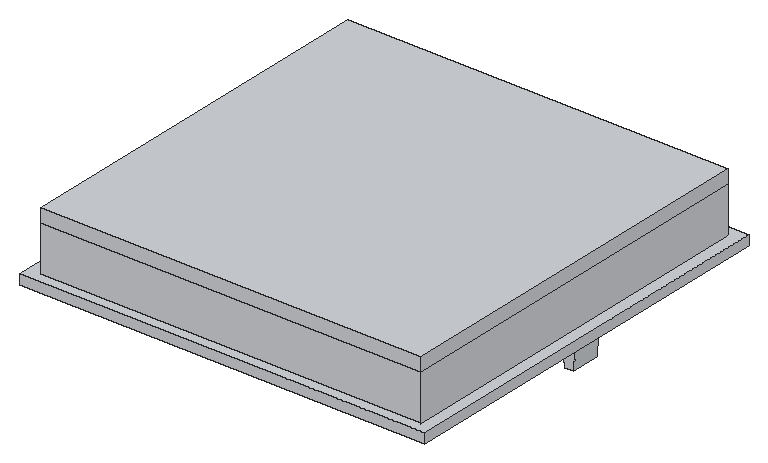
Revit family "Gira_028767", category Electrical Fixtures, host Face, Revit 2017
Family settings
  Host = Face
  Maintain Annotation Orientation = No
  Round Connector Dimension = Use Diameter
  Part Type = Normal
  Cut with Voids When Loaded = No
  Shared = No
  Room Calculation Point = No
Parameters (values of type "Wippe Symb. Tür Gira TX_44 (WG UP) Anthrazit")
  Werkstoffgüte = "sonstige"
  Werkstoff = "Kunststoff"
  Verwendung = "Schalter/Taster"
  URL = "http://katalog.gira.de/de_DE/datenblatt.html?artikelnr=028767"
  Region = "DE"
  Oberfläche = "sonstige"
  Name = "Wippe Symb. Tür Gira TX_44 (WG UP) Anthrazit"
  Mit austauschbarer Linse/Symbol = "No"
  Mit Beschriftungsfeld = "No"
  Manufacturer URL = "https://www.gira.de/"
  Kontrollfenster/Lichtauslass = "Yes"
  Keynote = "TX44_Abdeckung_Schalten und Tasten"
  HeinzeBIM = "https://bimportal.heinze.de/bim/wippe-symb-tuer-gira-tx-44-wg-up-anthrazit/1fd2fecfc0fef29a418a27025a78265d4308ff31"
  Halogenfrei = "No"
  HAN = "028767"
  Geeignet für Schutzart (IP) = "IP44"
  Geeignet für Bussystem-Tasterankopplung = "No"
  GTIN = "4010337287674"
  Farbe = "anthrazit"
  Default Elevation = 1219.2 mm
  Data sheet (1) = "https://katalog.gira.de/de_DE/download.html?artikelnr=028767"
  Category = "Abdeckung/Bedienelement für Installationsschalterprogramme"
  Befestigungsart = "Klemmbefestigung"
  Available = "Yes"
  Ausführung = "einteilige Wippe"
  Aufdruck/Kennzeichnung = "Symbol \"Schlüssel/Tür\""
  Abtastbares Symbol/barrierefrei = "No"
Reference planes
  plane 1 "Center (Front/Back)": y = 0
  plane 2: z = 0
  plane 3 "Center (Left/Right)": x = 0
Forms (mm)
  Extrusion 1, solid, detail levels fine
    sketch origin (0, 0, 0) x (1, 0, 0) y (0, 1, 0)
      loop
        line (34.85, 34.85) -> (-34.85, 34.85) -> (-34.85, -34.85) -> (34.85, -34.85) -> (34.85, 34.85)
      loop
        line (-31.45, 31.8) -> (-31.45, -31.8) -> (31.45, -31.8) -> (31.45, 31.8) -> (-31.45, 31.8)
    from 0 to 1.7
  Extrusion 2, solid, detail levels fine
    sketch origin (0, 0, 0) x (1, 0, 0) y (0, 1, 0)
      loop
        line (32.8, 33.05) -> (-32.8, 33.05) -> (-32.8, -33.05) -> (32.8, -33.05) -> (32.8, 33.05)
      loop
        line (-31.45, 31.8) -> (-31.45, -31.8) -> (31.45, -31.8) -> (31.45, 31.8) -> (-31.45, 31.8)
    from 1.566 to 9.515
  Extrusion 3, solid, detail levels fine
    sketch origin (0, 0, 0) x (1, 0, 0) y (0, 1, 0)
      loop
        line (32.8, 33.05) -> (-32.8, 33.05) -> (-32.8, -33.05) -> (32.8, -33.05) -> (32.8, 33.05)
    from 9.515 to 11.816
  Extrusion 4, solid, detail levels fine
    sketch origin (0, 0, 0) x (1, 0, 0) y (0, 0, 1)
      loop
        line (-32.815, 0) -> (-34.827, 0) -> (-34.611, -3.084) -> (-33.031, -3.084) -> (-32.815, 0)
      loop
        line (32.815, 0) -> (33.031, -3.084) -> (34.611, -3.084) -> (34.827, 0) -> (32.815, 0)
    from -2.513 to 2.5
  Extrusion 5, solid, detail levels fine
    sketch origin (0, 0, 0) x (1, 0, 0) y (0, 1, 0)
      loop
        spline (-23.686, 23.152) -> (-23.856, 23.114) -> (-24.022, 23.062) -> (-24.184, 22.995) -> (-24.338, 22.915) -> (-24.486, 22.821) -> (-24.624, 22.715) -> (-24.753, 22.597) -> (-24.87, 22.468) -> (-24.977, 22.33) -> (-25.07, 22.183) -> (-25.151, 22.028) -> (-25.218, 21.867)
        line (-25.218, 21.867) -> (-29.35, 10.513) -> (-29.35, -10.487) -> (-25.218, -21.841)
        spline (-25.218, -21.841) -> (-25.151, -22.002) -> (-25.07, -22.156) -> (-24.977, -22.304) -> (-24.87, -22.442) -> (-24.753, -22.571) -> (-24.624, -22.688) -> (-24.486, -22.795) -> (-24.338, -22.888) -> (-24.184, -22.969) -> (-24.022, -23.036) -> (-23.856, -23.088) -> (-23.686, -23.126)
        line (-23.686, -23.126) -> (0, -27.302) -> (23.686, -23.126)
        spline (23.686, -23.126) -> (23.856, -23.088) -> (24.022, -23.036) -> (24.184, -22.969) -> (24.338, -22.888) -> (24.486, -22.795) -> (24.624, -22.688) -> (24.753, -22.571) -> (24.87, -22.442) -> (24.977, -22.304) -> (25.07, -22.156) -> (25.151, -22.002) -> (25.218, -21.841)
        line (25.218, -21.841) -> (29.35, -10.487) -> (29.35, 10.513) -> (25.218, 21.867)
        spline (25.218, 21.867) -> (25.151, 22.028) -> (25.07, 22.183) -> (24.977, 22.33) -> (24.87, 22.468) -> (24.753, 22.597) -> (24.624, 22.715) -> (24.486, 22.821) -> (24.338, 22.915) -> (24.184, 22.995) -> (24.022, 23.062) -> (23.856, 23.114) -> (23.686, 23.152)
        line (23.686, 23.152) -> (0, 27.328) -> (-23.686, 23.152)
      loop
        line (-24.278, 21.525) -> (-28.35, 10.337) -> (-28.35, -10.311) -> (-24.278, -21.498)
        spline (-24.278, -21.498) -> (-24.245, -21.579) -> (-24.204, -21.656) -> (-24.157, -21.73) -> (-24.104, -21.799) -> (-24.045, -21.863) -> (-23.981, -21.922) -> (-23.912, -21.976) -> (-23.838, -22.022) -> (-23.761, -22.063) -> (-23.68, -22.096) -> (-23.597, -22.122) -> (-23.512, -22.141)
        line (-23.512, -22.141) -> (0, -26.287) -> (23.512, -22.141)
        spline (23.512, -22.141) -> (23.597, -22.122) -> (23.68, -22.096) -> (23.761, -22.063) -> (23.838, -22.022) -> (23.912, -21.976) -> (23.981, -21.922) -> (24.045, -21.863) -> (24.104, -21.799) -> (24.157, -21.73) -> (24.204, -21.656) -> (24.245, -21.579) -> (24.278, -21.498)
        line (24.278, -21.498) -> (28.35, -10.311) -> (28.35, 10.337) -> (24.278, 21.525)
        spline (24.278, 21.525) -> (24.245, 21.605) -> (24.204, 21.683) -> (24.157, 21.756) -> (24.104, 21.825) -> (24.045, 21.89) -> (23.981, 21.949) -> (23.912, 22.002) -> (23.838, 22.048) -> (23.761, 22.089) -> (23.68, 22.122) -> (23.597, 22.148) -> (23.512, 22.167)
        line (23.512, 22.167) -> (0, 26.313) -> (-23.512, 22.167)
        spline (-23.512, 22.167) -> (-23.597, 22.148) -> (-23.68, 22.122) -> (-23.761, 22.089) -> (-23.838, 22.048) -> (-23.912, 22.002) -> (-23.981, 21.949) -> (-24.045, 21.89) -> (-24.104, 21.825) -> (-24.157, 21.756) -> (-24.204, 21.683) -> (-24.245, 21.605) -> (-24.278, 21.525)
    from 4.866 to 9.515
  Extrusion 6, solid, detail levels fine
    sketch origin (0, 0, 0) x (1, 0, 0) y (0, 1, 0)
      loop
        arc (0, 8.51) -> (-1.055, 8.223) -> (-1.717, 7.352) r 1.7
        line (-1.717, 7.352) -> (-2.205, 5.894) -> (-2.205, 4.213) -> (-4.36, 4.213)
        arc (-4.36, 4.213) -> (-4.865, 4.091) -> (-5.257, 3.75) r 1.1
        arc (-5.257, 3.75) -> (-6.02, 2.328) -> (-6.406, 0.761) r 6.45
        arc (-6.406, 0.761) -> (-6.7, 0.013) -> (-6.406, -0.735) r 1.1
        arc (-6.406, -0.735) -> (-6.02, -2.302) -> (-5.257, -3.724) r 6.45
        arc (-5.257, -3.724) -> (-4.865, -4.064) -> (-4.36, -4.187) r 1.1
        line (-4.36, -4.187) -> (-2.1, -4.187) -> (-2.1, -5.243)
        arc (-2.1, -5.243) -> (-1.847, -5.944) -> (-1.206, -6.323) r 1.1
        arc (-1.206, -6.323) -> (0, -6.437) -> (1.206, -6.323) r 6.45
        arc (1.206, -6.323) -> (1.847, -5.944) -> (2.1, -5.243) r 1.1
        line (2.1, -5.243) -> (2.1, -4.187) -> (4.36, -4.187)
        arc (4.36, -4.187) -> (4.865, -4.064) -> (5.257, -3.724) r 1.1
        arc (5.257, -3.724) -> (6.02, -2.302) -> (6.406, -0.735) r 6.45
        arc (6.406, -0.735) -> (6.7, 0.013) -> (6.406, 0.761) r 1.1
        arc (6.406, 0.761) -> (6.02, 2.328) -> (5.257, 3.75) r 6.45
        arc (5.257, 3.75) -> (4.865, 4.091) -> (4.36, 4.213) r 1.1
        line (4.36, 4.213) -> (2.205, 4.213) -> (2.205, 5.894) -> (1.717, 7.352)
        arc (1.717, 7.352) -> (1.055, 8.223) -> (0, 8.51) r 1.7
    from -6.834 to 9.515
  Extrusion 7, solid, detail levels coarse
    sketch origin (0, 0, 0) x (1, 0, 0) y (0, 1, 0)
      loop
        line (34.85, 34.85) -> (-34.85, 34.85) -> (-34.85, -34.85) -> (34.85, -34.85) -> (34.85, 34.85)
    from -6.834 to 11.816
  Extrusion 8, solid, detail levels medium
    sketch origin (0, 0, 0) x (1, 0, 0) y (0, 1, 0)
      loop
        line (32.8, 33.05) -> (-32.8, 33.05) -> (-32.8, -33.05) -> (32.8, -33.05) -> (32.8, 33.05)
    from 1.566 to 11.816
  Extrusion 9, solid, detail levels medium
    sketch origin (0, 0, 0) x (1, 0, 0) y (0, 1, 0)
      loop
        line (34.85, 34.85) -> (-34.85, 34.85) -> (-34.85, -34.85) -> (34.85, -34.85) -> (34.85, 34.85)
    from 0 to 1.7
  Extrusion 10, solid, detail levels medium
    sketch origin (0, 0, 0) x (1, 0, 0) y (0, 1, 0)
      loop
        circle (0, 1.036) r 7.473
    from -6.834 to 9.515
  Extrusion 11, solid, detail levels medium
    sketch origin (0, 0, 0) x (1, 0, 0) y (0, 0, 1)
      loop
        line (-32.815, -3.084) -> (-32.815, 0) -> (-34.827, 0) -> (-34.827, -3.084) -> (-32.815, -3.084)
      loop
        line (32.815, -3.084) -> (34.827, -3.084) -> (34.827, 0) -> (32.815, 0) -> (32.815, -3.084)
    from -2.513 to 2.5
Dimensions and locks
  aligned and locked: plane 2 to host face
  aligned and locked: level to host face
